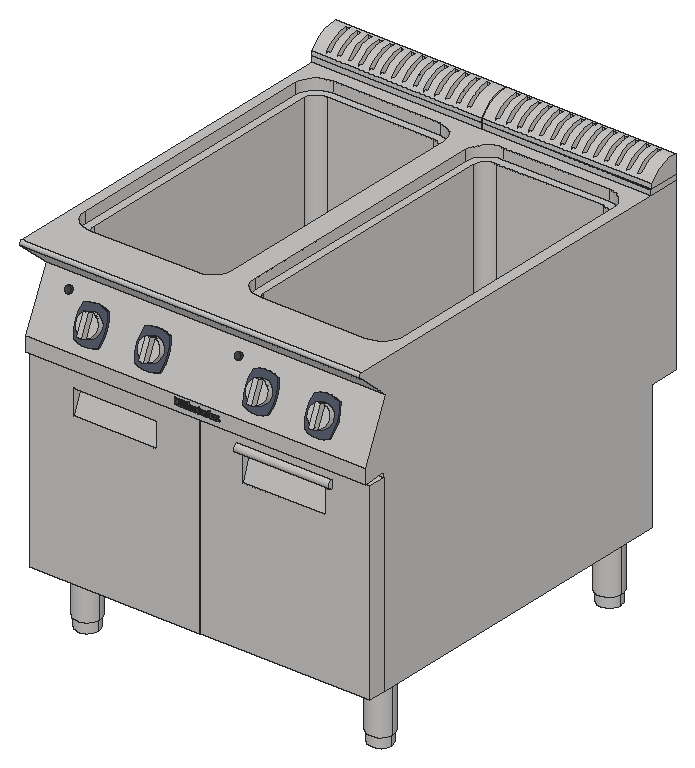
Revit family "QF_ELECTROLUXPROFESSIONAL_391413_E9OODDBAME", category Specialty Equipment, Revit 2018 (continued)
Automatic sketch dimensions
  Extrusion 5 sketch curve to Extrusion 5 sketch curve = 0.176 mm
  Extrusion 5 sketch curve to Extrusion 5 sketch curve = 0.728 mm
  Extrusion 5 sketch curve to Extrusion 5 sketch curve = 3.375 mm  (x2)
  Extrusion 5 sketch curve to Extrusion 5 sketch curve = 0.541 mm
  Extrusion 5 sketch curve to Extrusion 5 sketch curve = 0.955 mm
  Extrusion 5 sketch curve to Extrusion 5 sketch curve = 1.251 mm
  Extrusion 5 sketch curve to Extrusion 5 sketch curve = 0.572 mm
  Extrusion 5 sketch curve to Extrusion 5 sketch curve = 1.92 mm
  Extrusion 5 sketch curve to Extrusion 5 sketch curve = 1.224 mm
  Extrusion 5 sketch curve to Extrusion 5 sketch curve = 0.745 mm
  Extrusion 5 sketch curve to Extrusion 5 sketch curve = 2.537 mm
  Extrusion 5 sketch curve to Extrusion 5 sketch curve = 0.896 mm  (x3)
  Extrusion 5 sketch curve to Extrusion 5 sketch curve = 0.036 mm
  Extrusion 5 sketch curve to Extrusion 5 sketch curve = 2.607 mm
  Extrusion 5 sketch curve to Extrusion 5 sketch curve = 0.066 mm
  Extrusion 5 sketch curve to Extrusion 5 sketch curve = 0.248 mm
  Extrusion 5 sketch curve to Extrusion 5 sketch curve = 0.449 mm
  Extrusion 5 sketch curve to Extrusion 5 sketch curve = 1.052 mm
  Extrusion 5 sketch curve to Extrusion 5 sketch curve = 1.863 mm
  Extrusion 5 sketch curve to Extrusion 5 sketch curve = 1.31 mm  (x2)
  Extrusion 5 sketch curve to Extrusion 5 sketch curve = 0.901 mm
  Extrusion 5 sketch curve to Extrusion 5 sketch curve = 1.107 mm
  Extrusion 5 sketch curve to Extrusion 5 sketch curve = 2.122 mm
  Extrusion 5 sketch curve to Extrusion 5 sketch curve = 2.101 mm
  Extrusion 5 sketch curve to Extrusion 5 sketch curve = 0.106 mm
  Extrusion 5 sketch curve to Extrusion 5 sketch curve = 0.029 mm
  Extrusion 5 sketch curve to Extrusion 5 sketch curve = 2.09 mm
  Extrusion 5 sketch curve to Extrusion 5 sketch curve = 1.279 mm
  Extrusion 5 sketch curve to Extrusion 5 sketch curve = 2.008 mm
  Extrusion 5 sketch curve to Extrusion 5 sketch curve = 0.738 mm
  Extrusion 5 sketch curve to Extrusion 5 sketch curve = 0.382 mm
  Extrusion 5 sketch curve to Extrusion 5 sketch curve = 0.384 mm
  Extrusion 5 sketch curve to Extrusion 5 sketch curve = 0.002 mm
  Extrusion 5 sketch curve to Extrusion 5 sketch curve = 0.561 mm
  Extrusion 5 sketch curve to Extrusion 5 sketch curve = 0.592 mm
  Extrusion 5 sketch curve to Extrusion 5 sketch curve = 2.692 mm
  Extrusion 5 sketch curve to Extrusion 5 sketch curve = 1.259 mm
  Extrusion 5 sketch curve to Extrusion 5 sketch curve = 0.802 mm
  Extrusion 5 sketch curve to Extrusion 5 sketch curve = 1.024 mm  (x2)
  Extrusion 5 sketch curve to Extrusion 5 sketch curve = 0.682 mm
  Extrusion 5 sketch curve to Extrusion 5 sketch curve = 5.934 mm
  Extrusion 5 sketch curve to Extrusion 5 sketch curve = 2.186 mm
  Extrusion 5 sketch curve to Extrusion 5 sketch curve = 0.337 mm
  Extrusion 5 sketch curve to Extrusion 5 sketch curve = 0.021 mm
  Extrusion 5 sketch curve to Extrusion 5 sketch curve = 1.005 mm
  Extrusion 5 sketch curve to Extrusion 5 sketch curve = 0.552 mm
  Extrusion 5 sketch curve to Extrusion 5 sketch curve = 0.778 mm
  Extrusion 5 sketch curve to Extrusion 5 sketch curve = 0.063 mm
  Extrusion 5 sketch curve to Extrusion 5 sketch curve = 1.023 mm
  Extrusion 5 sketch curve to Extrusion 5 sketch curve = 3.804 mm
  Extrusion 5 sketch curve to Extrusion 5 sketch curve = 0.486 mm
  Extrusion 5 sketch curve to Extrusion 5 sketch curve = 0.266 mm
  Extrusion 5 sketch curve to Extrusion 5 sketch curve = 1.547 mm
  Extrusion 5 sketch curve to Extrusion 5 sketch curve = 0.717 mm  (x2)
  Extrusion 5 sketch curve to Extrusion 5 sketch curve = 1.667 mm
  Extrusion 5 sketch curve to Extrusion 5 sketch curve = 3.174 mm
  Extrusion 5 sketch curve to Extrusion 5 sketch curve = 0.388 mm
  Extrusion 5 sketch curve to Extrusion 5 sketch curve = 1.342 mm
  Extrusion 5 sketch curve to Extrusion 5 sketch curve = 1.521 mm
  Extrusion 5 sketch curve to Extrusion 5 sketch curve = 0.124 mm
  Extrusion 5 sketch curve to Extrusion 5 sketch curve = 0.291 mm
  Extrusion 5 sketch curve to Extrusion 5 sketch curve = 1.049 mm  (x2)
  Extrusion 5 sketch curve to Extrusion 5 sketch curve = 1.7 mm
  Extrusion 5 sketch curve to Extrusion 5 sketch curve = 0.894 mm
  Extrusion 5 sketch curve to Extrusion 5 sketch curve = 0.989 mm
  Extrusion 5 sketch curve to Extrusion 5 sketch curve = 1.168 mm
  Extrusion 5 sketch curve to Extrusion 5 sketch curve = 1.594 mm
  Extrusion 5 sketch curve to Extrusion 5 sketch curve = 0.731 mm
  Extrusion 5 sketch curve to Extrusion 5 sketch curve = 1.566 mm
  Extrusion 5 sketch curve to Extrusion 5 sketch curve = 0.064 mm
  Extrusion 5 sketch curve to Extrusion 5 sketch curve = 0.556 mm  (x2)
  Extrusion 5 sketch curve to Extrusion 5 sketch curve = 0.48 mm
  Extrusion 5 sketch curve to Extrusion 5 sketch curve = 1.018 mm
  Extrusion 5 sketch curve to Extrusion 5 sketch curve = 0.787 mm
  Extrusion 5 sketch curve to Extrusion 5 sketch curve = 0.618 mm
  Extrusion 5 sketch curve to Extrusion 5 sketch curve = 1.672 mm
  Extrusion 5 sketch curve to Extrusion 5 sketch curve = 1.361 mm
  Extrusion 5 sketch curve to Extrusion 5 sketch curve = 0.822 mm
  Extrusion 5 sketch curve to Extrusion 5 sketch curve = 0.069 mm
  Extrusion 5 sketch curve to Extrusion 5 sketch curve = 1.88 mm
  Extrusion 5 sketch curve to Extrusion 5 sketch curve = 0.42 mm
  Extrusion 5 sketch curve to Extrusion 5 sketch curve = 0.062 mm
  Extrusion 5 sketch curve to Extrusion 5 sketch curve = 1.355 mm
  Extrusion 5 sketch curve to Extrusion 5 sketch curve = 2.34 mm
  Extrusion 5 sketch curve to Extrusion 5 sketch curve = 0.493 mm
  Extrusion 5 sketch curve to Extrusion 5 sketch curve = 0.136 mm
  Extrusion 5 sketch curve to Extrusion 5 sketch curve = 0.128 mm
  Extrusion 5 sketch curve to Extrusion 5 sketch curve = 3.616 mm
  Extrusion 5 sketch curve to Extrusion 5 sketch curve = 4.207 mm
  Extrusion 5 sketch curve to Extrusion 5 sketch curve = 0.183 mm
  Extrusion 5 sketch curve to Extrusion 5 sketch curve = 0.895 mm
  Extrusion 5 sketch curve to Extrusion 5 sketch curve = 1.314 mm
  Extrusion 5 sketch curve to Extrusion 5 sketch curve = 3.231 mm
  Extrusion 5 sketch curve to Extrusion 5 sketch curve = 1.299 mm
  Extrusion 5 sketch curve to Extrusion 5 sketch curve = 1.214 mm
  Extrusion 5 sketch curve to Extrusion 5 sketch curve = 1.264 mm
  Extrusion 5 sketch curve to Extrusion 5 sketch curve = 0.109 mm
  Extrusion 5 sketch curve to Extrusion 5 sketch curve = 0.357 mm
  Extrusion 5 sketch curve to Extrusion 5 sketch curve = 0.565 mm
  Extrusion 5 sketch curve to Extrusion 5 sketch curve = 2.504 mm
  Extrusion 5 sketch curve to Extrusion 5 sketch curve = 2.459 mm
  Extrusion 1 to Extrusion 5 sketch curve = 5.127 mm
  Extrusion 1 to Extrusion 5 sketch curve = 343.464 mm
  Extrusion 5 sketch curve to Extrusion 5 sketch curve = 0.208 mm
  Extrusion 5 sketch curve to Extrusion 5 sketch curve = 0.468 mm  (x2)
  Extrusion 5 sketch curve to Extrusion 5 sketch curve = 1.559 mm
  Extrusion 5 sketch curve to Extrusion 5 sketch curve = 0.422 mm  (x2)
  Extrusion 5 sketch curve to Extrusion 5 sketch curve = 0.494 mm
  Extrusion 5 sketch curve to Extrusion 5 sketch curve = 3.927 mm
  Extrusion 5 sketch curve to Extrusion 5 sketch curve = 0.782 mm
  Extrusion 5 sketch curve to Extrusion 5 sketch curve = 1.268 mm
  Extrusion 5 sketch curve to Extrusion 5 sketch curve = 0.671 mm
  Extrusion 5 sketch curve to Extrusion 5 sketch curve = 0.777 mm
  Extrusion 5 sketch curve to Extrusion 5 sketch curve = 0.704 mm
  Extrusion 5 sketch curve to Extrusion 5 sketch curve = 0.781 mm  (x2)
  Extrusion 5 sketch curve to Extrusion 5 sketch curve = 1.634 mm
  Extrusion 5 sketch curve to Extrusion 5 sketch curve = 0.132 mm
  Extrusion 5 sketch curve to Extrusion 5 sketch curve = 3.136 mm
  Extrusion 5 sketch curve to Extrusion 5 sketch curve = 2.422 mm
  Extrusion 5 sketch curve to Extrusion 5 sketch curve = 0.586 mm
  Extrusion 5 sketch curve to Extrusion 5 sketch curve = 2.046 mm  (x2)
  Extrusion 5 sketch curve to Extrusion 5 sketch curve = 1.241 mm
  Extrusion 5 sketch curve to Extrusion 5 sketch curve = 1.689 mm
  Extrusion 5 sketch curve to Extrusion 5 sketch curve = 2.859 mm
  Extrusion 5 sketch curve to Extrusion 5 sketch curve = 0.627 mm
  Extrusion 5 sketch curve to Extrusion 5 sketch curve = 0.863 mm
  Extrusion 5 sketch curve to Extrusion 5 sketch curve = 0.419 mm
  Extrusion 5 sketch curve to Extrusion 5 sketch curve = 1.514 mm
  Extrusion 5 sketch curve to Extrusion 5 sketch curve = 1.019 mm
  Extrusion 5 sketch curve to Extrusion 5 sketch curve = 0.065 mm
  Extrusion 5 sketch curve to Extrusion 5 sketch curve = 1.215 mm
  Extrusion 5 sketch curve to Extrusion 5 sketch curve = 2.708 mm
  Extrusion 5 sketch curve to Extrusion 5 sketch curve = 1.122 mm
  Extrusion 5 sketch curve to Extrusion 5 sketch curve = 1.153 mm
  Extrusion 5 sketch curve to Extrusion 5 sketch curve = 3.009 mm
  Extrusion 5 sketch curve to Extrusion 5 sketch curve = 0.829 mm  (x2)
  Extrusion 5 sketch curve to Extrusion 5 sketch curve = 0.934 mm
  Extrusion 5 sketch curve to Extrusion 5 sketch curve = 3.376 mm
  Extrusion 5 sketch curve to Extrusion 5 sketch curve = 0.222 mm
  Extrusion 5 sketch curve to Extrusion 5 sketch curve = 1.383 mm
  Extrusion 5 sketch curve to Extrusion 5 sketch curve = 1.556 mm
  Extrusion 5 sketch curve to Extrusion 5 sketch curve = 2.559 mm
  Extrusion 5 sketch curve to Extrusion 5 sketch curve = 2.51 mm
  Extrusion 5 sketch curve to Extrusion 5 sketch curve = 0.131 mm
  Extrusion 5 sketch curve to Extrusion 5 sketch curve = 1.717 mm
  Extrusion 5 sketch curve to Extrusion 5 sketch curve = 1.134 mm
  Extrusion 5 sketch curve to Extrusion 5 sketch curve = 0.366 mm
  Extrusion 5 sketch curve to Extrusion 5 sketch curve = 0.094 mm
  Extrusion 5 sketch curve to Extrusion 5 sketch curve = 1.584 mm
  Extrusion 5 sketch curve to Extrusion 5 sketch curve = 1.501 mm
  Extrusion 5 sketch curve to Extrusion 5 sketch curve = 0.27 mm
  Extrusion 5 sketch curve to Extrusion 5 sketch curve = 1.808 mm
  Extrusion 5 sketch curve to Extrusion 5 sketch curve = 0.643 mm
  Extrusion 5 sketch curve to Extrusion 5 sketch curve = 0.916 mm
  Extrusion 5 sketch curve to Extrusion 5 sketch curve = 0.352 mm
  Extrusion 5 sketch curve to Extrusion 5 sketch curve = 0.458 mm
  Extrusion 5 sketch curve to Extrusion 5 sketch curve = 1.282 mm
  Extrusion 5 sketch curve to Extrusion 5 sketch curve = 1.363 mm
  Extrusion 5 sketch curve to Extrusion 5 sketch curve = 0.685 mm
  Extrusion 5 sketch curve to Extrusion 5 sketch curve = 0.905 mm
  Extrusion 5 sketch curve to Extrusion 5 sketch curve = 2.865 mm
  Extrusion 5 sketch curve to Extrusion 5 sketch curve = 0.472 mm
  Extrusion 5 sketch curve to Extrusion 5 sketch curve = 0.101 mm
  Extrusion 5 sketch curve to Extrusion 5 sketch curve = 0.54 mm
  Extrusion 5 sketch curve to Extrusion 5 sketch curve = 0.02 mm
  Extrusion 5 sketch curve to Extrusion 5 sketch curve = 0.582 mm
  Extrusion 5 sketch curve to Extrusion 5 sketch curve = 0.166 mm
  Extrusion 5 sketch curve to Extrusion 5 sketch curve = 0.16 mm
  Extrusion 5 sketch curve to Extrusion 5 sketch curve = 2.781 mm
  Extrusion 5 sketch curve to Extrusion 5 sketch curve = 1.118 mm
  Extrusion 5 sketch curve to Extrusion 5 sketch curve = 0.613 mm
  Extrusion 5 sketch curve to Extrusion 5 sketch curve = 0.361 mm
  Extrusion 5 sketch curve to Extrusion 5 sketch curve = 0.897 mm
  Extrusion 5 sketch curve to Extrusion 5 sketch curve = 0.167 mm
  Extrusion 5 sketch curve to Extrusion 5 sketch curve = 0.292 mm
  Extrusion 5 sketch curve to Extrusion 5 sketch curve = 0.305 mm
  Extrusion 5 sketch curve to Extrusion 5 sketch curve = 1.557 mm
  Extrusion 5 sketch curve to Extrusion 5 sketch curve = 2.499 mm
  Extrusion 5 sketch curve to Extrusion 5 sketch curve = 3.062 mm
  Extrusion 5 sketch curve to Extrusion 5 sketch curve = 2.968 mm
  Extrusion 5 sketch curve to Extrusion 5 sketch curve = 5.044 mm
  Extrusion 5 sketch curve to Extrusion 5 sketch curve = 0.629 mm  (x2)
  Extrusion 5 sketch curve to Extrusion 5 sketch curve = 1.131 mm
  Extrusion 5 sketch curve to Extrusion 5 sketch curve = 0.137 mm
  Extrusion 5 sketch curve to Extrusion 5 sketch curve = 0.027 mm
  Extrusion 5 sketch curve to Extrusion 5 sketch curve = 2.235 mm
  Extrusion 6 sketch curve to plane 10 "TOP A" = 0 mm
  Extrusion 6 sketch curve to plane 1 "BACK" = 0 mm
  plane 10 "TOP A" to Extrusion 6 sketch curve = 12.9 mm
  Extrusion 6 sketch curve to plane 12 = 54.11 mm
  Extrusion 7 sketch curve to plane 1 "BACK" = 0 mm
  Extrusion 7 sketch curve to plane 6 "TOP" = 0 mm
  plane 1 "BACK" to Extrusion 7 sketch curve = 4.947 mm
  plane 10 "TOP A" to Extrusion 7 sketch curve = 23.3 mm
  plane 1 "BACK" to Extrusion 7 sketch curve = 69.85 mm
  plane 10 "TOP A" to Extrusion 7 sketch curve = 12.9 mm
  plane 1 "BACK" to Extrusion 8 sketch curve = 6.761 mm  (x14)
  plane 17 to Extrusion 8 sketch curve = 0.513 mm
  Extrusion 8 sketch curve to plane 16 = 1.61 mm
  plane 16 to Extrusion 8 sketch curve = 14.583 mm
  Extrusion 8 sketch curve to Extrusion 8 sketch curve = 57.15 mm
  Extrusion 8 sketch curve to Extrusion 8 sketch curve = 0 mm  (x13)
  Extrusion 8 sketch curve to plane 16 = 10.905 mm
  plane 20 to Extrusion 8 sketch curve = 0.191 mm
  Extrusion 8 sketch curve to plane 20 = 16.001 mm
  Extrusion 8 sketch curve to Extrusion 8 sketch curve = 9.296 mm  (x12)
  Extrusion 8 sketch curve to plane 17 = 15.68 mm
  Extrusion 8 sketch curve to Extrusion 8 sketch curve = 16.193 mm  (x9)
  Extrusion 9 sketch curve to plane 10 "TOP A" = 0 mm
  Extrusion 9 sketch curve to plane 1 "BACK" = 0 mm
  plane 10 "TOP A" to Extrusion 9 sketch curve = 12.9 mm
  Extrusion 9 sketch curve to plane 12 = 54.11 mm
  Extrusion 10 sketch curve to plane 1 "BACK" = 0 mm
  Extrusion 10 sketch curve to plane 6 "TOP" = 0 mm
  plane 1 "BACK" to Extrusion 10 sketch curve = 4.947 mm
  plane 10 "TOP A" to Extrusion 10 sketch curve = 23.3 mm
  plane 1 "BACK" to Extrusion 10 sketch curve = 69.85 mm
  plane 10 "TOP A" to Extrusion 10 sketch curve = 12.9 mm
  plane 1 "BACK" to Extrusion 11 sketch curve = 6.761 mm  (x14)
  plane 18 to Extrusion 11 sketch curve = 1.487 mm
  Extrusion 11 sketch curve to plane 19 = 0.56 mm
  Extrusion 11 sketch curve to Extrusion 11 sketch curve = 57.15 mm
  Extrusion 11 sketch curve to Extrusion 11 sketch curve = 0 mm  (x13)
  Extrusion 11 sketch curve to plane 15 = 6.001 mm
  plane 19 to Extrusion 11 sketch curve = 15.633 mm
  Extrusion 11 sketch curve to Extrusion 11 sketch curve = 9.296 mm  (x13)
  Extrusion 11 sketch curve to Extrusion 11 sketch curve = 16.193 mm  (x10)
  plane 21 to Extrusion 11 sketch curve = 0.191 mm
  Extrusion 12 sketch curve to Extrusion 1 = 0 mm  (x2)
  Extrusion 1 to Extrusion 12 sketch curve = 399.088 mm
  Extrusion 12 sketch curve to Extrusion 12 sketch curve = 1.825 mm
  Extrusion 13 sketch curve to plane 5 "FRONT" = 30 mm
  Extrusion 13 sketch curve to Extrusion 13 sketch curve = 21.813 mm
  Extrusion 13 sketch curve to plane 9 "BASE" = 97.43 mm
  Extrusion 13 sketch curve to plane 9 "BASE" = 37.5 mm
  Extrusion 14 sketch curve to plane 5 "FRONT" = 30 mm
  Extrusion 14 sketch curve to Extrusion 14 sketch curve = 21.813 mm
  Extrusion 14 sketch curve to plane 9 "BASE" = 37.5 mm
  Extrusion 14 sketch curve to Extrusion 14 sketch curve = 59.93 mm
  Extrusion 15 sketch curve to plane 5 "FRONT" = 30 mm
  Extrusion 15 sketch curve to plane 9 "BASE" = 17.595 mm
  Extrusion 15 sketch curve to Extrusion 15 sketch curve = 9.905 mm
  plane 13 to Extrusion 16 sketch curve = 0 mm
  Extrusion 16 sketch curve to plane 20 = 10 mm
  Extrusion 16 sketch curve to Extrusion 16 sketch curve = 0 mm  (x4)
  Extrusion 16 sketch curve to plane 17 = 10 mm  (x2)
  Extrusion 16 sketch curve to plane 7 "Center Y" = 75 mm  (x2)
  Extrusion 16 sketch curve to Extrusion 16 sketch curve = 30 mm
  Extrusion 16 sketch curve to Extrusion 16 sketch curve = 133.357 mm
  Extrusion 17 sketch curve to plane 13 = 163.357 mm
  Extrusion 17 sketch curve to plane 17 = 10 mm
  Extrusion 17 sketch curve to Extrusion 17 sketch curve = 30 mm  (x2)
  plane 12 to Extrusion 17 sketch curve = 25.89 mm  (x2)
  Extrusion 17 sketch curve to plane 12 = 4.11 mm
  Extrusion 17 sketch curve to plane 7 "Center Y" = 75 mm
  plane 7 "Center Y" to Extrusion 18 sketch curve = 25 mm
  plane 13 to Extrusion 18 sketch curve = 20 mm
  Extrusion 18 sketch curve to Extrusion 18 sketch curve = 50 mm  (x2)
  Extrusion 18 sketch curve to plane 12 = 24.11 mm
  plane 18 to Extrusion 18 sketch curve = 12 mm  (x2)
  Extrusion 18 sketch curve to plane 15 = 20 mm
  Extrusion 19 sketch curve to plane 15 = 0 mm  (x2)
  plane 13 to Extrusion 19 sketch curve = 0 mm
  plane 18 to Extrusion 19 sketch curve = 12 mm  (x2)
  plane 7 "Center Y" to Extrusion 19 sketch curve = 75 mm  (x2)
  Extrusion 19 sketch curve to Extrusion 19 sketch curve = 30 mm
  Extrusion 19 sketch curve to Extrusion 19 sketch curve = 0 mm  (x3)
  Extrusion 19 sketch curve to Extrusion 19 sketch curve = 133.357 mm
  Extrusion 20 sketch curve to plane 15 = 0 mm
  Extrusion 20 sketch curve to plane 12 = 4.11 mm
  plane 18 to Extrusion 20 sketch curve = 12 mm
  plane 12 to Extrusion 20 sketch curve = 25.89 mm
  plane 7 "Center Y" to Extrusion 20 sketch curve = 45 mm
  Extrusion 20 sketch curve to plane 8 "Center X" = 141.643 mm  (x2)
  Extrusion 20 sketch curve to Extrusion 20 sketch curve = 30 mm
  Extrusion 21 sketch curve to plane 17 = 39.333 mm
  Extrusion 21 sketch curve to Extrusion 21 sketch curve = 0 mm
  Extrusion 21 sketch curve to Extrusion 21 sketch curve = 12.3 mm  (x3)
  Extrusion 21 sketch curve to Extrusion 21 sketch curve = 34.925 mm  (x2)
  Extrusion 21 sketch curve to plane 17 = 13.606 mm
  Extrusion 21 sketch curve to Extrusion 21 sketch curve = 46.691 mm
  Extrusion 21 sketch curve to Extrusion 21 sketch curve = 26.344 mm
  Extrusion 21 sketch curve to Extrusion 21 sketch curve = 28.57 mm
  Extrusion 23 sketch curve to Extrusion 23 sketch curve = 24.732 mm
  Extrusion 23 sketch curve to Extrusion 23 sketch curve = 0 mm
  Extrusion 24 sketch curve to plane 16 = 17.333 mm
  Extrusion 24 sketch curve to Extrusion 24 sketch curve = 0 mm
  Extrusion 24 sketch curve to Extrusion 24 sketch curve = 12.3 mm  (x3)
  Extrusion 24 sketch curve to Extrusion 24 sketch curve = 34.925 mm  (x2)
  plane 16 to Extrusion 24 sketch curve = 8.394 mm
  Extrusion 24 sketch curve to Extrusion 24 sketch curve = 46.691 mm
  Extrusion 24 sketch curve to plane 16 = 17.95 mm
  Extrusion 24 sketch curve to Extrusion 24 sketch curve = 25.114 mm
  Extrusion 26 sketch curve to Extrusion 26 sketch curve = 24.732 mm
  Extrusion 26 sketch curve to Extrusion 26 sketch curve = 0 mm
  Extrusion 27 sketch curve to plane 17 = 0 mm
  plane 7 "Center Y" to Extrusion 28 sketch curve = 104.333 mm
  Extrusion 28 sketch curve to Extrusion 28 sketch curve = 0 mm
  Extrusion 28 sketch curve to Extrusion 28 sketch curve = 12.3 mm  (x3)
  Extrusion 28 sketch curve to Extrusion 28 sketch curve = 34.925 mm  (x2)
  Extrusion 28 sketch curve to Extrusion 28 sketch curve = 46.691 mm
  Extrusion 28 sketch curve to Extrusion 28 sketch curve = 0.617 mm
  Extrusion 28 sketch curve to Extrusion 28 sketch curve = 28.57 mm
  Extrusion 28 sketch curve to Extrusion 28 sketch curve = 29.185 mm
  Extrusion 30 sketch curve to Extrusion 30 sketch curve = 24.732 mm
  Extrusion 30 sketch curve to Extrusion 30 sketch curve = 0 mm
  Extrusion 31 sketch curve to plane 19 = 16.333 mm
  plane 18 to Extrusion 31 sketch curve = 29.292 mm
  Extrusion 31 sketch curve to Extrusion 31 sketch curve = 0 mm
  Extrusion 31 sketch curve to Extrusion 31 sketch curve = 12.3 mm
  plane 18 to Extrusion 31 sketch curve = 4.178 mm
  Extrusion 31 sketch curve to Extrusion 31 sketch curve = 34.925 mm  (x2)
  plane 19 to Extrusion 31 sketch curve = 9.394 mm
  Extrusion 31 sketch curve to Extrusion 31 sketch curve = 46.691 mm
  Extrusion 31 sketch curve to plane 19 = 16.95 mm
  plane 18 to Extrusion 31 sketch curve = 29.905 mm
  Extrusion 33 sketch curve to Extrusion 33 sketch curve = 24.732 mm
  Extrusion 33 sketch curve to Extrusion 33 sketch curve = 0 mm
  plane 7 "Center Y" to Extrusion 34 sketch curve = 65 mm
  Extrusion 35 sketch curve to plane 16 = 0 mm
  Extrusion 35 sketch curve to plane 13 = 20 mm
  Extrusion 37 sketch curve to plane 18 = 0 mm
  Extrusion 37 sketch curve to plane 13 = 100 mm
  Extrusion 38 sketch curve to plane 19 = 0 mm
  Extrusion 38 sketch curve to plane 13 = 20 mm
  plane 12 to Extrusion 39 sketch curve = 25.89 mm  (x2)
  Extrusion 39 sketch curve to plane 7 "Center Y" = 25 mm
  plane 13 to Extrusion 39 sketch curve = 20 mm
  Extrusion 39 sketch curve to plane 7 "Center Y" = 75 mm
  Extrusion 39 sketch curve to plane 12 = 24.11 mm
  plane 16 to Extrusion 39 sketch curve = 157 mm  (x2)
  Revolve 40 sketch curve to level = 0 mm
  Revolve 40 sketch curve to plane 11 = 0 mm  (x2)
  Revolve 40 sketch curve to plane 20 = 0 mm  (x2)
  level to Revolve 40 sketch curve = 25 mm
  plane 11 to Revolve 40 sketch curve = 20 mm
  Revolve 40 sketch curve to plane 20 = 26.25 mm
  plane 3 "LEFT" to Revolve 40 sketch curve = 25 mm
  Revolve 41 sketch curve to level = 0 mm
  Revolve 41 sketch curve to plane 11 = 0 mm  (x2)
  plane 20 to Revolve 41 sketch curve = 0 mm
  Revolve 41 sketch curve to plane 20 = 0 mm
  level to Revolve 41 sketch curve = 25 mm
  plane 11 to Revolve 41 sketch curve = 20 mm
  Revolve 41 sketch curve to plane 20 = 26.25 mm
  plane 3 "LEFT" to Revolve 41 sketch curve = 25 mm
  Revolve 42 sketch curve to level = 0 mm
  Revolve 42 sketch curve to plane 11 = 0 mm  (x2)
  Revolve 42 sketch curve to plane 21 = 0 mm
  plane 21 to Revolve 42 sketch curve = 0 mm
  level to Revolve 42 sketch curve = 25 mm
  plane 11 to Revolve 42 sketch curve = 20 mm
  Revolve 42 sketch curve to plane 15 = 16.25 mm
  Revolve 42 sketch curve to plane 15 = 20 mm
  Revolve 43 sketch curve to level = 0 mm
  Revolve 43 sketch curve to plane 11 = 0 mm  (x2)
  plane 21 to Revolve 43 sketch curve = 0 mm  (x2)
  level to Revolve 43 sketch curve = 25 mm
  plane 11 to Revolve 43 sketch curve = 20 mm
  Revolve 43 sketch curve to plane 15 = 16.25 mm
  Revolve 43 sketch curve to plane 15 = 20 mm
  Extrusion 36 sketch curve to Extrusion 1 = 201 mm
  Extrusion 36 sketch curve to Extrusion 1 = 288.773 mm
  radius of Extrusion 22 sketch curve = 25.4 mm
  radius of Extrusion 23 sketch curve to Extrusion 22 = 0 mm  (x2)
  radius of Extrusion 25 sketch curve = 25.4 mm
  radius of Extrusion 26 sketch curve to Extrusion 25 = 0 mm  (x2)
  radius of Extrusion 27 sketch curve = 7.5 mm
  radius of Extrusion 29 sketch curve = 25.4 mm
  radius of Extrusion 30 sketch curve to Extrusion 29 = 0 mm  (x2)
  radius of Extrusion 32 sketch curve = 25.4 mm
  radius of Extrusion 33 sketch curve to Extrusion 32 = 0 mm  (x2)
  radius of Extrusion 34 sketch curve = 7.5 mm
  radius of Extrusion 35 sketch curve = 12.7 mm
  radius of Extrusion 37 sketch curve = 9.525 mm
  radius of Extrusion 38 sketch curve = 12.7 mm
  radius of Extrusion 36 sketch curve = 6.35 mm
Connectors
  piping at (737, -700, 200), diameter 19
    settings: on Extrusion 37, index 1, connector inside diameter 0.74803", connector length 0 mm, flow factor 0, pipe flow 0 GPM, pressure drop 0.00 psi, fitting loss kfactor 0, connector angle 0.00°, fixture units 0, engagement length 0 mm, angle of deflection 0.00°, flow configuration 1, flow direction 1, fitting loss method 0, system type 20, joint type 0, gender type 0, connector reference index -1, connector utility 0, adjustable connector no, is connector primary yes, connector description "WATER INLET"
  piping at (632, -780, 176), diameter 25.4
    settings: on Extrusion 38, index 2, connector inside diameter 1", connector length 0 mm, flow factor 0, pipe flow 0 GPM, pressure drop 0.00 psi, fitting loss kfactor 0, connector angle 0.00°, fixture units 0, engagement length 0 mm, angle of deflection 0.00°, flow configuration 1, flow direction 2, fitting loss method 0, system type 16, joint type 0, gender type 0, connector reference index -1, connector utility 0, adjustable connector no, is connector primary no, connector description "DRAIN"
  piping at (232, -780, 176), diameter 25.4
    settings: on Extrusion 35, index 3, connector inside diameter 1", connector length 0 mm, flow factor 0, pipe flow 0 GPM, pressure drop 0.00 psi, fitting loss kfactor 0, connector angle 0.00°, fixture units 0, engagement length 0 mm, angle of deflection 0.00°, flow configuration 1, flow direction 2, fitting loss method 0, system type 16, joint type 0, gender type 0, connector reference index -1, connector utility 0, adjustable connector no, is connector primary no, connector description "DRAIN"
  electrical at (599, -570, 140)
    settings: on Extrusion 36, index 4, voltage 400 V, apparent load 20000 VA, apparent load phase1 0 VA, apparent load phase2 0 VA, apparent load phase3 0 VA, power factor 1, load classification "Other", number of poles 1, system type 30, power factor state 1, is connector primary yes, connector utility no, sub classification motor no, connector description "ELECTRICAL CONNECTION"
